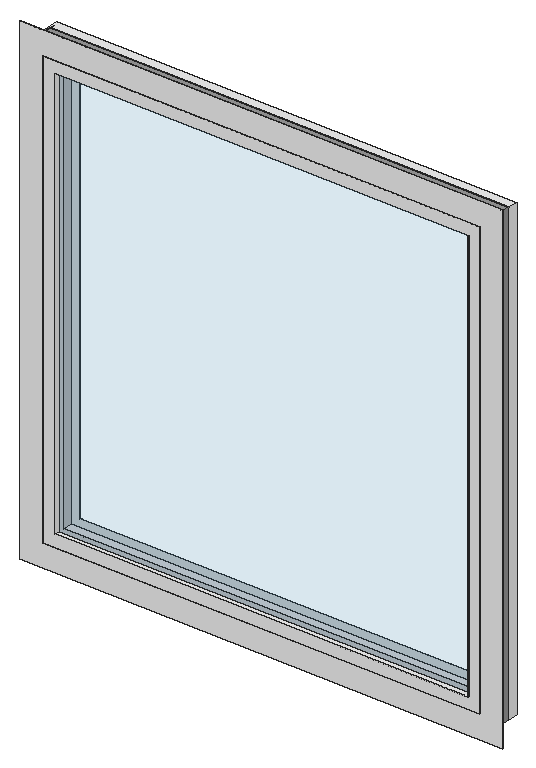
Revit family "Edge_TB42_E_Side_Hung_Standard", category Windows, host Wall, Revit 2014
Parameters (values of type "Casement_Sash_DG")
  Width Sash [instance] = 30 mm
  Width Sash Inner = 15 mm
  Width Bead = 15 mm
  Top Hung [instance] = yes
  Thermal Break Material = Rubber, Black
  Thermal Break Length = 16 mm
  Side Hung Right [instance] = yes
  Side Hung Left [instance] = yes
  Sash Opening Width [instance] = 600 mm
  Sash Opening Height [instance] = 600 mm
  Sash Lip = 15 mm
  Sash Leg [instance] = (Depth Sash - Thermal Break Length) / 2  # 13 mm
  SG Bead Leg = 6.683 mm
  Glazing Material [instance] = Glass
  Glazing Offset = 5 mm
  DG Start Piece 2 [instance] = DG End Piece 1 + DG Gasket Thickness  # 24.158 mm
  DG Start Peice 1 [instance] = ((Depth Sash - (2 * DG Glazing Thickness) - DG Gasket Thickness) / 2) - (SG Bead Leg - Aluminium Thickness) / 2  # 5.758 mm
  DG Glazing Thickness [instance] = 6.4 mm
  DG Gasket Thickness = 12 mm  # constant formula
  DG Gasket Material [instance] = none
  Depth Sash [instance] = 42 mm
  DG End Piece 2 [instance] = DG Start Piece 2 + DG Glazing Thickness  # 30.558 mm
  DG End Piece 1 [instance] = DG Start Peice 1 + DG Glazing Thickness  # 12.158 mm
  Center Vertical Sash [instance] = Sash Opening Height / 2  # 300 mm
  Center Horizontal Sash [instance] = Sash Opening Width / 2  # 300 mm
  Bottom Hung [instance] = yes
  Bead Offset = 15 mm
  Aluminium Thickness = 1 mm
  Aluminium Material [instance] = White Powder Coated Aluminium
Reference planes
  plane 1 "Center (Front/Back)": y = 0
  plane 2: z = 0
  plane 3 "Center (Left/Right)": x = 0
Forms (mm)
  Sweep 1, solid, material "White Powder Coated Aluminium" <- "Aluminium Material"
    path origin (16.177, 0, 121.331) x (1, 0, 0) y (0, 0, 1)
      loop
        line (0, 0) -> (600, 0) -> (600, 600) -> (0, 600) -> (0, 0)
    profile origin (316.177, 0, 121.331) x (0, 0, 1) y (0, -1, 0)
      loop
        line (0, 0) -> (30, 0) -> (30, 1) -> (15, 1) -> (15, 13) -> (14, 13) -> (14, 1) -> (1, 1) -> (1, 13) -> (0, 13) -> (0, 0)
      loop
        line (15, 42) -> (-15, 42) -> (-15, 41) -> (0, 41) -> (0, 29) -> (1, 29) -> (1, 41) -> (14, 41) -> (14, 29) -> (15, 29) -> (15, 42)
  Sweep 2, solid, material "White Powder Coated Aluminium" <- "Aluminium Material"
    path origin (0, 0, 0) x (1, 0, 0) y (0, 0, 1)
      loop
        line (31.177, 706.331) -> (31.177, 136.331) -> (601.177, 136.331) -> (601.177, 706.331) -> (31.177, 706.331)
    profile origin (316.177, 0, 706.331) x (0, 0, 1) y (0, -1, 0)
      loop
        line (0, 41) -> (0, 42) -> (-15, 42) -> (-15, 35.317) -> (-14, 35.317) -> (-14, 41) -> (0, 41)
  Extrusion 3, solid, material "Glass" <- "Glazing Material"
    sketch origin (0, 0, 0) x (1, 0, 0) y (0, 0, 1)
      loop
        line (36.177, 701.331) -> (36.177, 141.331) -> (596.177, 141.331) -> (596.177, 701.331) -> (36.177, 701.331)
    from 5.758 <- "DG Start Peice 1" to 12.158 <- "DG End Piece 1"
  Extrusion 4, solid, material "Glass" <- "Glazing Material"
    sketch origin (0, 0, 0) x (1, 0, 0) y (0, 0, 1)
      loop
        line (36.177, 701.331) -> (36.177, 141.331) -> (596.177, 141.331) -> (596.177, 701.331) -> (36.177, 701.331)
    from 30.558 <- "DG End Piece 2" to 24.158 <- "DG Start Piece 2"
  Sweep 5, solid, material <- "DG Gasket Material"
    path origin (0, -12.158, 0) x (1, 0, 0) y (0, 0, 1)
      loop
        line (36.177, 701.331) -> (36.177, 141.331) -> (596.177, 141.331) -> (596.177, 701.331) -> (36.177, 701.331)
    profile origin (316.177, -12.158, 701.331) x (0, 0, 1) y (0, -1, 0)
      loop
        line (0, 0) -> (0, 12) -> (-7.96, 12) -> (-7.96, 0) -> (0, 0)
  Sweep 6, solid, material "Rubber, Black" <- "Thermal Break Material"
    path origin (16.177, -13, 121.331) x (1, 0, 0) y (0, 0, 1)
      loop
        line (-15, 615) -> (-15, -15) -> (615, -15) -> (615, 615) -> (-15, 615)
    profile origin (316.177, -13, 736.331) x (0, 0, 1) y (0, -1, 0)
      loop
        line (-15, 16) -> (-16, 16) -> (-16, 0) -> (-15, 0) -> (-15, 16)
      loop
        line (-29, 16) -> (-30, 16) -> (-30, 0) -> (-29, 0) -> (-29, 16)
Lines and regions (mm)
  model lines
    curve 1: line (1.177, -42, 736.331) -> (31.177, -42, 706.331)
    curve 2: line (601.177, -42, 706.331) -> (631.177, -42, 736.331)
    curve 3: line (601.177, -42, 136.331) -> (631.177, -42, 106.331)
    curve 4: line (1.177, -42, 106.331) -> (31.177, -42, 136.331)
    curve 5: line (631.177, -41, 736.331) -> (616.177, -41, 721.331)
    curve 6: line (1.177, -41, 736.331) -> (16.177, -41, 721.331)
    curve 7: line (1.177, -41, 106.331) -> (16.177, -41, 121.331)
    curve 8: line (631.177, -41, 106.331) -> (616.177, -41, 121.331)
    curve 9: line (616.177, 0, 121.331) -> (586.177, 0, 151.331)
    curve 10: line (46.177, 0, 151.331) -> (16.177, 0, 121.331)
    curve 11: line (616.177, 0, 721.331) -> (586.177, 0, 691.331)
    curve 12: line (46.177, 0, 691.331) -> (16.177, 0, 721.331)
    curve 13: line (31.177, -42, 691.331) -> (46.177, -42, 691.331)
    curve 14: line (586.177, -42, 691.331) -> (601.177, -42, 691.331)
    curve 15: line (586.177, -42, 151.331) -> (601.177, -42, 151.331)
    curve 16: line (31.177, -42, 151.331) -> (46.177, -42, 151.331)
  model lines, style "GenericModelHiddenLines", visible <- "Top Hung"
    curve 17: line (46.386, -30.558, 690.602) -> (316.177, -30.558, 151.331)
    curve 18: line (316.177, -30.558, 151.331) -> (586.177, -30.558, 691.018)
  model lines, style "GenericModelHiddenLines", visible <- "Bottom Hung"
    curve 19: line (46.177, -30.558, 151.331) -> (316.177, -30.558, 691.018)
    curve 20: line (316.177, -30.558, 691.018) -> (586.177, -30.558, 151.331)
  model lines, style "GenericModelHiddenLines", visible <- "Side Hung Left"
    curve 21: line (46.386, -30.558, 690.602) -> (585.24, -30.558, 421.331)
    curve 22: line (585.24, -30.558, 421.331) -> (46.177, -30.558, 151.331)
  model lines, style "GenericModelHiddenLines", visible <- "Side Hung Right"
    curve 23: line (586.177, -30.558, 691.018) -> (46.177, -30.558, 421.331)
    curve 24: line (46.177, -30.558, 421.331) -> (586.177, -30.558, 151.331)
Dimensions and locks
  "Aluminium Thickness": Sweep 1 sketch curve to Sweep 1 sketch curve  (x6)
  "Depth Sash": Sweep 1 sketch curve to Sweep 1 sketch curve
  "Sash Opening Width": Sweep 1 to Sweep 1
  "Sash Opening Height": Sweep 1 to Sweep 1
  "Width Sash": Sweep 1 sketch curve to Sweep 1 sketch curve  (x2)
  "Width Sash Inner": Sweep 1 sketch curve to Sweep 1 sketch curve
  "Sash Lip": Sweep 1 sketch curve to Sweep 1 sketch curve
  "Glazing Offset": Sweep 2 to Extrusion 3 sketch curve  (x3)
  "Glazing Offset": Extrusion 3 sketch curve to Sweep 2
  Sweep 1 to Sweep 1 = 1 mm
  "Width Bead": Sweep 2 sketch curve to Sweep 2 sketch curve
  locked: Sweep 5 sketch curve to Sweep 5 sketch curve at 7.96
  "Center Horizontal Sash": Sweep 1 to curve 18
  "Center Horizontal Sash": Sweep 1 to curve 20
  "Center Vertical Sash": Sweep 1 to curve 22
  "Center Vertical Sash": Sweep 1 to curve 24
  "Sash Leg": Sweep 1 sketch curve to Sweep 1 sketch curve
  "Aluminium Thickness": Sweep 2 sketch curve to Sweep 2 sketch curve  (x2)
  "SG Bead Leg": Sweep 2 sketch curve to Sweep 2 sketch curve
  aligned and locked: level to plane 2
  aligned and locked: Sweep 1 sketch curve to Sweep 1 sketch curve  (x3)
  aligned and locked: Sweep 2 sketch curve to Sweep 1  (x4)
  aligned and locked: Sweep 1 to Sweep 2 sketch curve  (x2)
  aligned and locked: Extrusion 4 sketch curve to Extrusion 3  (x4)
  aligned and locked: Sweep 5 sketch curve to Extrusion 3  (x5)
  aligned and locked: Extrusion 3 to Sweep 5 sketch curve
  aligned and locked: Sweep 6 sketch curve to Sweep 1  (x10)
  aligned and locked: Sweep 1 to Sweep 6 sketch curve  (x2)
Automatic sketch dimensions
  plane 3 "Center (Left/Right)" to Sweep 1 sketch curve = 16.177 mm
  level to Sweep 1 sketch curve = 121.331 mm
  plane 3 "Center (Left/Right)" to Sweep 1 sketch curve = 616.177 mm
  level to Sweep 1 sketch curve = 721.331 mm
  profile plane to Sweep 5 sketch curve = 12 mm
  curve 7 to Sweep 1 = 0 mm  (x4)
  curve 6 to Sweep 1 = 0 mm  (x3)
  Sweep 1 to curve 6 = 0 mm
  curve 5 to Sweep 1 = 0 mm  (x3)
  curve 8 to Sweep 1 = 0 mm  (x4)
  Sweep 1 to curve 5 = 0 mm
  curve 16 to Sweep 2 = 0 mm  (x3)
  curve 13 to Sweep 2 = 0 mm  (x3)
  curve 15 to Sweep 2 = 0 mm
  Sweep 2 to curve 15 = 0 mm  (x2)
  curve 14 to Sweep 2 = 0 mm  (x2)
  Sweep 2 to curve 14 = 0 mm
  curve 1 to Sweep 1 = 0 mm  (x4)
  curve 4 to Sweep 1 = 0 mm  (x4)
  curve 2 to Sweep 1 = 0 mm  (x4)
  curve 3 to Sweep 1 = 0 mm  (x2)
  Sweep 1 to curve 3 = 0 mm  (x2)
  curve 10 to Sweep 1 = 0 mm  (x4)
  curve 12 to Sweep 1 = 0 mm  (x2)
  Sweep 1 to curve 12 = 0 mm  (x2)
  curve 11 to Sweep 1 = 0 mm  (x4)
  curve 9 to Sweep 1 = 0 mm  (x4)
  profile plane to Sweep 1 sketch curve = 0 mm  (x2)
  Sweep 1 sketch curve to plane 1 "Center (Front/Back)" = 0 mm
  Sweep 1 sketch curve to Sweep 1 sketch curve = 13 mm
  Sweep 1 sketch curve to Sweep 1 sketch curve = 12 mm  (x2)
  curve 21 to Extrusion 4 = 10.208 mm
  curve 19 to Extrusion 4 = 10 mm
  curve 23 to Extrusion 4 = 10 mm  (x2)
  curve 22 to Extrusion 4 = 10.937 mm
  curve 20 to Extrusion 4 = 10 mm
  curve 24 to Extrusion 4 = 10 mm
  curve 22 to Extrusion 4 = 10 mm
  curve 18 to Extrusion 4 = 10 mm
  curve 21 to Extrusion 4 = 10.729 mm
  curve 19 to Extrusion 4 = 10.312 mm
  curve 18 to Extrusion 4 = 10.312 mm
Types in the file's own list only (18): name | Windload Design | Width Sash Opening | Width Sash | Width Profile | Width Fixed Pane RHS | Width Fixed Pane Bottom LHS | Width Panel 1 | Width | URL | Offset Window Exterior | Max System DG Unit Thickness | Max System DG One Piece Thickness | Max Pane Area | Limit Fixed Pane Width Min | Limit Fixed Pane Width Max | Limit Fixed Pane Height Min | Limit Fixed Pane Height Max | Intruderprufe U Value | Intruderprufe SHGC Value | Intruderprufe LowE U Value | Intruderprufe LowE SHGC Value | Intruderprufe Insulated U Value | Intruderprufe Insulated SHGC Value | Intruderprufe Insulated LowE U Value | Intruderprufe Insulated LowE SHGC Value | Height | Has Stiffener Cap | Energy Advantage U Value | Energy Advantage SHGC Value | DG Thickness Calc | Custom Window Width | Custom Window Height | Window Exterior Offset | Custom Windload | Custom Sash Width | Custom Sash Height | Sash Spacing Inner | Sash Overlap | Sash Center Offset | SG Gasket Thickness | Offset Sash Left | Offset Sash Top | Offset Panel 4 Left | Offset Panel 3 Bead Top | Offset Mullion Left | Offset Transom Top | Offset Bead SG Center Reversed | Model | Manufacturer | Limit Window Width Min | Limit Window Width Max | Limit Window Height Min | Limit Window Height Max | Limit Sash Width Min | Limit Sash Width Max | Limit Sash Height Min | Limit Sash Height Max | Length Transom | Length Mullion | Height Sash Opening | Height Sash | Height Fixed Pane RHS | Height Fixed Pane Bottom LHS | Height Panel 1 | Description | Depth Mullion | Frame Center Offset | Depth Bead | Default Sill Height | Wall Closure | DG Gasket Finish | DG Extrusion Start | Mullion Depth Windload Based | Clearvue U Value | Clearvue SHGC Value | Clearvue Insulated U Value | Clearvue Insulated SHGC Value | Clearvue Insulated LowE U Value | Clearvue Insulated LowE SHGC Value | Casement Dimension | Bead SG Gap | Area Pane Right | Area Pane Left Top | Area Pane Left Bottom
  EDGE-0915S-1000Pa | 1000 mm | 554 mm | 524 mm | 30 mm | 260 mm | 540 mm | 540 mm | 890 mm | "http://www.crealco.co.za/crealco-products.php" | 21 mm | 25 mm | 6 mm | 0.52 m² | 200 mm | 1500 mm | 200 mm | 1800 mm | 5.64 | 0.547 | 4.33 | 0.492 | 3.29 | 0.486 | 2.79 | 0.441 | 1490 mm | No | 4.33 | 0.526 | 4 mm | 890 mm | 1490 mm | 0 mm | 1000 mm | 554 mm | 1154 mm | 8 mm | 7 mm | 18 mm | 6 mm | 23 mm | 23 mm | 600 mm | 1200 mm | 570 mm | 1170 mm | 21 mm | "Edge" | "Crealco" | 830 mm | 2130 mm | 1430 mm | 1860 mm | 300 mm | 700 mm | 300 mm | 1500 mm | 540 mm | 1490 mm | 1154 mm | 1124 mm | 1430 mm | 260 mm | 1139 mm | "Thermal break casement windows (42mm), Type E side hung" | 0 mm | 21 mm | 28 mm | 800 mm | By host | Double Glazing Gasket Material | 11 mm | 0 mm | 5.75 | 0.588 | 3.33 | 0.531 | 2.84 | 0.483 | 42 mm | 13 mm | 0.36 m² | 0.52 m² | 0.13 m²
  EDGE-1215S-1000Pa | 1000 mm | 554 mm | 524 mm | 30 mm | 560 mm | 540 mm | 540 mm | 1190 mm | "http://www.crealco.co.za/crealco-products.php" | 21 mm | 25 mm | 6 mm | 0.78 m² | 200 mm | 1500 mm | 200 mm | 1800 mm | 5.52 | 0.698 | 3.94 | 0.621 | 2.97 | 0.615 | 2.38 | 0.556 | 1490 mm | Yes | 3.97 | 0.667 | 4 mm | 1190 mm | 1490 mm | 0 mm | 1000 mm | 554 mm | 1154 mm | 8 mm | 7 mm | 18 mm | 6 mm | 23 mm | 23 mm | 600 mm | 1200 mm | 570 mm | 1170 mm | 21 mm | "Edge" | "Crealco" | 830 mm | 2130 mm | 1430 mm | 1860 mm | 300 mm | 700 mm | 300 mm | 1500 mm | 540 mm | 1490 mm | 1154 mm | 1124 mm | 1430 mm | 260 mm | 1139 mm | "Thermal break casement windows (42mm), Type E side hung" | 1 mm | 21 mm | 28 mm | 800 mm | By host | Double Glazing Gasket Material | 11 mm | 1 mm | 5.63 | 0.747 | 3.02 | 0.67 | 2.42 | 0.608 | 42 mm | 13 mm | 0.78 m² | 0.52 m² | 0.13 m²
  EDGE-1515S-1000Pa | 1000 mm | 554 mm | 524 mm | 30 mm | 860 mm | 540 mm | 540 mm | 1490 mm | "http://www.crealco.co.za/crealco-products.php" | 21 mm | 25 mm | 6 mm | 1.21 m² | 200 mm | 1500 mm | 200 mm | 1800 mm | 5.81 | 0.741 | 4.07 | 0.659 | 3.06 | 0.651 | 2.4 | 0.589 | 1490 mm | Yes | 4.11 | 0.708 | 4 mm | 1490 mm | 1490 mm | 0 mm | 1000 mm | 554 mm | 1154 mm | 8 mm | 7 mm | 18 mm | 6 mm | 23 mm | 23 mm | 600 mm | 1200 mm | 570 mm | 1170 mm | 21 mm | "Edge" | "Crealco" | 830 mm | 2130 mm | 1430 mm | 1860 mm | 300 mm | 700 mm | 300 mm | 1500 mm | 540 mm | 1490 mm | 1154 mm | 1124 mm | 1430 mm | 260 mm | 1139 mm | "Thermal break casement windows (42mm), Type E side hung" | 1 mm | 21 mm | 28 mm | 800 mm | By host | Double Glazing Gasket Material | 11 mm | 1 mm | 5.93 | 0.792 | 3.11 | 0.709 | 2.45 | 0.644 | 42 mm | 13 mm | 1.21 m² | 0.52 m² | 0.13 m²
  EDGE-0918S-1000Pa | 1000 mm | 554 mm | 524 mm | 30 mm | 260 mm | 540 mm | 540 mm | 890 mm | "http://www.crealco.co.za/crealco-products.php" | 21 mm | 25 mm | 6 mm | 0.52 m² | 200 mm | 1500 mm | 200 mm | 1800 mm | 5.4 | 0.677 | 3.94 | 0.603 | 2.99 | 0.599 | 2.44 | 0.542 | 1790 mm | Yes | 3.97 | 0.648 | 4 mm | 890 mm | 1790 mm | 0 mm | 1000 mm | 554 mm | 1154 mm | 8 mm | 7 mm | 18 mm | 6 mm | 23 mm | 23 mm | 600 mm | 1200 mm | 570 mm | 1170 mm | 21 mm | "Edge" | "Crealco" | 830 mm | 2130 mm | 1430 mm | 1860 mm | 300 mm | 700 mm | 300 mm | 1500 mm | 540 mm | 1790 mm | 1154 mm | 1124 mm | 1730 mm | 560 mm | 1139 mm | "Thermal break casement windows (42mm), Type E side hung" | 1 mm | 21 mm | 28 mm | 800 mm | By host | Double Glazing Gasket Material | 11 mm | 1 mm | 5.51 | 0.725 | 3.03 | 0.653 | 2.48 | 0.593 | 42 mm | 13 mm | 0.43 m² | 0.52 m² | 0.29 m²
  EDGE-1218S-1000Pa | 1000 mm | 554 mm | 524 mm | 30 mm | 560 mm | 540 mm | 540 mm | 1190 mm | "http://www.crealco.co.za/crealco-products.php" | 21 mm | 25 mm | 6 mm | 0.95 m² | 200 mm | 1500 mm | 200 mm | 1800 mm | 6.04 | 0.77 | 4.27 | 0.684 | 3.21 | 0.677 | 2.55 | 0.613 | 1790 mm | Yes | 4.31 | 0.735 | 4 mm | 1190 mm | 1790 mm | 0 mm | 1000 mm | 554 mm | 1154 mm | 8 mm | 7 mm | 18 mm | 6 mm | 23 mm | 23 mm | 600 mm | 1200 mm | 570 mm | 1170 mm | 21 mm | "Edge" | "Crealco" | 830 mm | 2130 mm | 1430 mm | 1860 mm | 300 mm | 700 mm | 300 mm | 1500 mm | 540 mm | 1790 mm | 1154 mm | 1124 mm | 1730 mm | 560 mm | 1139 mm | "Thermal break casement windows (42mm), Type E side hung" | 1 mm | 21 mm | 28 mm | 800 mm | By host | Double Glazing Gasket Material | 11 mm | 1 mm | 6.16 | 0.822 | 3.27 | 0.737 | 2.59 | 0.67 | 42 mm | 13 mm | 0.95 m² | 0.52 m² | 0.29 m²
  EDGE-1518S-1000Pa | 1000 mm | 554 mm | 524 mm | 30 mm | 860 mm | 540 mm | 540 mm | 1490 mm | "http://www.crealco.co.za/crealco-products.php" | 21 mm | 25 mm | 6 mm | 1.46 m² | 200 mm | 1500 mm | 200 mm | 1800 mm | 6.46 | 0.831 | 4.49 | 0.738 | 3.36 | 0.729 | 2.62 | 0.659 | 1790 mm | Yes | 7.9 | 0 | 4 mm | 1490 mm | 1790 mm | 0 mm | 1000 mm | 554 mm | 1154 mm | 8 mm | 7 mm | 18 mm | 6 mm | 23 mm | 23 mm | 600 mm | 1200 mm | 570 mm | 1170 mm | 21 mm | "Edge" | "Crealco" | 830 mm | 2130 mm | 1430 mm | 1860 mm | 300 mm | 700 mm | 300 mm | 1500 mm | 540 mm | 1790 mm | 1154 mm | 1124 mm | 1730 mm | 560 mm | 1139 mm | "Thermal break casement windows (42mm), Type E side hung" | 1 mm | 21 mm | 28 mm | 800 mm | By host | Double Glazing Gasket Material | 11 mm | 1 mm | 7.9 | 0 | 3.42 | 0.793 | 2.67 | 0.721 | 42 mm | 13 mm | 1.46 m² | 0.52 m² | 0.29 m²
  EDGE-0915S-1500Pa | 1500 mm | 554 mm | 524 mm | 30 mm | 260 mm | 540 mm | 540 mm | 890 mm | "http://www.crealco.co.za/crealco-products.php" | 21 mm | 25 mm | 6 mm | 0.52 m² | 200 mm | 1500 mm | 200 mm | 1800 mm | 5.06 | 0.63 | 3.73 | 0.562 | 2.84 | 0.558 | 2.33 | 0.505 | 1490 mm | Yes | 3.75 | 0.603 | 4 mm | 890 mm | 1490 mm | 0 mm | 1500 mm | 554 mm | 1154 mm | 8 mm | 7 mm | 18 mm | 6 mm | 23 mm | 23 mm | 600 mm | 1200 mm | 570 mm | 1170 mm | 21 mm | "Edge" | "Crealco" | 830 mm | 2130 mm | 1430 mm | 1860 mm | 300 mm | 700 mm | 300 mm | 1500 mm | 540 mm | 1490 mm | 1154 mm | 1124 mm | 1430 mm | 260 mm | 1139 mm | "Thermal break casement windows (42mm), Type E side hung" | 1 mm | 21 mm | 28 mm | 800 mm | By host | Double Glazing Gasket Material | 11 mm | 1 mm | 5.16 | 0.675 | 2.88 | 0.608 | 2.38 | 0.553 | 42 mm | 13 mm | 0.36 m² | 0.52 m² | 0.13 m²
  EDGE-0915S-2000Pa | 2000 mm | 554 mm | 524 mm | 30 mm | 260 mm | 540 mm | 540 mm | 890 mm | "http://www.crealco.co.za/crealco-products.php" | 21 mm | 25 mm | 6 mm | 0.52 m² | 200 mm | 1500 mm | 200 mm | 1800 mm | 5.06 | 0.63 | 3.73 | 0.562 | 2.84 | 0.558 | 2.33 | 0.505 | 1490 mm | Yes | 3.75 | 0.603 | 4 mm | 890 mm | 1490 mm | 0 mm | 2000 mm | 554 mm | 1154 mm | 8 mm | 7 mm | 18 mm | 6 mm | 23 mm | 23 mm | 600 mm | 1200 mm | 570 mm | 1170 mm | 21 mm | "Edge" | "Crealco" | 830 mm | 2130 mm | 1430 mm | 1860 mm | 300 mm | 700 mm | 300 mm | 1500 mm | 540 mm | 1490 mm | 1154 mm | 1124 mm | 1430 mm | 260 mm | 1139 mm | "Thermal break casement windows (42mm), Type E side hung" | 1 mm | 21 mm | 28 mm | 800 mm | By host | Double Glazing Gasket Material | 11 mm | 1 mm | 5.16 | 0.675 | 2.88 | 0.608 | 2.38 | 0.553 | 42 mm | 13 mm | 0.36 m² | 0.52 m² | 0.13 m²
  EDGE-1215S-1500Pa | 1500 mm | 554 mm | 524 mm | 30 mm | 560 mm | 540 mm | 540 mm | 1190 mm | "http://www.crealco.co.za/crealco-products.php" | 21 mm | 25 mm | 6 mm | 0.78 m² | 200 mm | 1500 mm | 200 mm | 1800 mm | 5.52 | 0.698 | 3.94 | 0.621 | 2.97 | 0.615 | 2.38 | 0.556 | 1490 mm | Yes | 3.97 | 0.667 | 4 mm | 1190 mm | 1490 mm | 0 mm | 1500 mm | 554 mm | 1154 mm | 8 mm | 7 mm | 18 mm | 6 mm | 23 mm | 23 mm | 600 mm | 1200 mm | 570 mm | 1170 mm | 21 mm | "Edge" | "Crealco" | 830 mm | 2130 mm | 1430 mm | 1860 mm | 300 mm | 700 mm | 300 mm | 1500 mm | 540 mm | 1490 mm | 1154 mm | 1124 mm | 1430 mm | 260 mm | 1139 mm | "Thermal break casement windows (42mm), Type E side hung" | 1 mm | 21 mm | 28 mm | 800 mm | By host | Double Glazing Gasket Material | 11 mm | 1 mm | 5.63 | 0.747 | 3.02 | 0.67 | 2.42 | 0.608 | 42 mm | 13 mm | 0.78 m² | 0.52 m² | 0.13 m²
  EDGE-1215S-2000Pa | 2000 mm | 554 mm | 524 mm | 30 mm | 560 mm | 540 mm | 540 mm | 1190 mm | "http://www.crealco.co.za/crealco-products.php" | 21 mm | 25 mm | 6 mm | 0.78 m² | 200 mm | 1500 mm | 200 mm | 1800 mm | 5.52 | 0.698 | 3.94 | 0.621 | 2.97 | 0.615 | 2.38 | 0.556 | 1490 mm | Yes | 3.97 | 0.667 | 4 mm | 1190 mm | 1490 mm | 0 mm | 2000 mm | 554 mm | 1154 mm | 8 mm | 7 mm | 18 mm | 6 mm | 23 mm | 23 mm | 600 mm | 1200 mm | 570 mm | 1170 mm | 21 mm | "Edge" | "Crealco" | 830 mm | 2130 mm | 1430 mm | 1860 mm | 300 mm | 700 mm | 300 mm | 1500 mm | 540 mm | 1490 mm | 1154 mm | 1124 mm | 1430 mm | 260 mm | 1139 mm | "Thermal break casement windows (42mm), Type E side hung" | 1 mm | 21 mm | 28 mm | 800 mm | By host | Double Glazing Gasket Material | 11 mm | 1 mm | 5.63 | 0.747 | 3.02 | 0.67 | 2.42 | 0.608 | 42 mm | 13 mm | 0.78 m² | 0.52 m² | 0.13 m²
  EDGE-1515S-1500Pa | 1500 mm | 554 mm | 524 mm | 30 mm | 860 mm | 540 mm | 540 mm | 1490 mm | "http://www.crealco.co.za/crealco-products.php" | 21 mm | 25 mm | 6 mm | 1.21 m² | 200 mm | 1500 mm | 200 mm | 1800 mm | 5.81 | 0.741 | 4.07 | 0.659 | 3.06 | 0.651 | 2.4 | 0.589 | 1490 mm | Yes | 4.11 | 0.708 | 4 mm | 1490 mm | 1490 mm | 0 mm | 1500 mm | 554 mm | 1154 mm | 8 mm | 7 mm | 18 mm | 6 mm | 23 mm | 23 mm | 600 mm | 1200 mm | 570 mm | 1170 mm | 21 mm | "Edge" | "Crealco" | 830 mm | 2130 mm | 1430 mm | 1860 mm | 300 mm | 700 mm | 300 mm | 1500 mm | 540 mm | 1490 mm | 1154 mm | 1124 mm | 1430 mm | 260 mm | 1139 mm | "Thermal break casement windows (42mm), Type E side hung" | 1 mm | 21 mm | 28 mm | 800 mm | By host | Double Glazing Gasket Material | 11 mm | 1 mm | 5.93 | 0.792 | 3.11 | 0.709 | 2.45 | 0.644 | 42 mm | 13 mm | 1.21 m² | 0.52 m² | 0.13 m²
  EDGE-1515S-2000Pa | 2000 mm | 554 mm | 524 mm | 30 mm | 860 mm | 540 mm | 540 mm | 1490 mm | "http://www.crealco.co.za/crealco-products.php" | 21 mm | 25 mm | 6 mm | 1.21 m² | 200 mm | 1500 mm | 200 mm | 1800 mm | 5.81 | 0.741 | 4.07 | 0.659 | 3.06 | 0.651 | 2.4 | 0.589 | 1490 mm | Yes | 4.11 | 0.708 | 4 mm | 1490 mm | 1490 mm | 0 mm | 2000 mm | 554 mm | 1154 mm | 8 mm | 7 mm | 18 mm | 6 mm | 23 mm | 23 mm | 600 mm | 1200 mm | 570 mm | 1170 mm | 21 mm | "Edge" | "Crealco" | 830 mm | 2130 mm | 1430 mm | 1860 mm | 300 mm | 700 mm | 300 mm | 1500 mm | 540 mm | 1490 mm | 1154 mm | 1124 mm | 1430 mm | 260 mm | 1139 mm | "Thermal break casement windows (42mm), Type E side hung" | 1 mm | 21 mm | 28 mm | 800 mm | By host | Double Glazing Gasket Material | 11 mm | 1 mm | 5.93 | 0.792 | 3.11 | 0.709 | 2.45 | 0.644 | 42 mm | 13 mm | 1.21 m² | 0.52 m² | 0.13 m²
  EDGE-0918S-1500Pa | 1500 mm | 554 mm | 524 mm | 30 mm | 260 mm | 540 mm | 540 mm | 890 mm | "http://www.crealco.co.za/crealco-products.php" | 21 mm | 25 mm | 6 mm | 0.52 m² | 200 mm | 1500 mm | 200 mm | 1800 mm | 5.4 | 0.677 | 3.94 | 0.603 | 2.99 | 0.599 | 2.44 | 0.542 | 1790 mm | Yes | 3.97 | 0.648 | 4 mm | 890 mm | 1790 mm | 0 mm | 1500 mm | 554 mm | 1154 mm | 8 mm | 7 mm | 18 mm | 6 mm | 23 mm | 23 mm | 600 mm | 1200 mm | 570 mm | 1170 mm | 21 mm | "Edge" | "Crealco" | 830 mm | 2130 mm | 1430 mm | 1860 mm | 300 mm | 700 mm | 300 mm | 1500 mm | 540 mm | 1790 mm | 1154 mm | 1124 mm | 1730 mm | 560 mm | 1139 mm | "Thermal break casement windows (42mm), Type E side hung" | 1 mm | 21 mm | 28 mm | 800 mm | By host | Double Glazing Gasket Material | 11 mm | 1 mm | 5.51 | 0.725 | 3.03 | 0.653 | 2.48 | 0.593 | 42 mm | 13 mm | 0.43 m² | 0.52 m² | 0.29 m²
  EDGE-0918S-2000Pa | 2000 mm | 554 mm | 524 mm | 30 mm | 260 mm | 540 mm | 540 mm | 890 mm | "http://www.crealco.co.za/crealco-products.php" | 21 mm | 25 mm | 6 mm | 0.52 m² | 200 mm | 1500 mm | 200 mm | 1800 mm | 5.4 | 0.677 | 3.94 | 0.603 | 2.99 | 0.599 | 2.44 | 0.542 | 1790 mm | Yes | 3.97 | 0.648 | 4 mm | 890 mm | 1790 mm | 0 mm | 2000 mm | 554 mm | 1154 mm | 8 mm | 7 mm | 18 mm | 6 mm | 23 mm | 23 mm | 600 mm | 1200 mm | 570 mm | 1170 mm | 21 mm | "Edge" | "Crealco" | 830 mm | 2130 mm | 1430 mm | 1860 mm | 300 mm | 700 mm | 300 mm | 1500 mm | 540 mm | 1790 mm | 1154 mm | 1124 mm | 1730 mm | 560 mm | 1139 mm | "Thermal break casement windows (42mm), Type E side hung" | 1 mm | 21 mm | 28 mm | 800 mm | By host | Double Glazing Gasket Material | 11 mm | 1 mm | 5.51 | 0.725 | 3.03 | 0.653 | 2.48 | 0.593 | 42 mm | 13 mm | 0.43 m² | 0.52 m² | 0.29 m²
  EDGE-1218S-1500Pa | 1500 mm | 554 mm | 524 mm | 30 mm | 560 mm | 540 mm | 540 mm | 1190 mm | "http://www.crealco.co.za/crealco-products.php" | 21 mm | 25 mm | 6 mm | 0.95 m² | 200 mm | 1500 mm | 200 mm | 1800 mm | 6.04 | 0.77 | 4.27 | 0.684 | 3.21 | 0.677 | 2.55 | 0.613 | 1790 mm | Yes | 4.31 | 0.735 | 4 mm | 1190 mm | 1790 mm | 0 mm | 1500 mm | 554 mm | 1154 mm | 8 mm | 7 mm | 18 mm | 6 mm | 23 mm | 23 mm | 600 mm | 1200 mm | 570 mm | 1170 mm | 21 mm | "Edge" | "Crealco" | 830 mm | 2130 mm | 1430 mm | 1860 mm | 300 mm | 700 mm | 300 mm | 1500 mm | 540 mm | 1790 mm | 1154 mm | 1124 mm | 1730 mm | 560 mm | 1139 mm | "Thermal break casement windows (42mm), Type E side hung" | 1 mm | 21 mm | 28 mm | 800 mm | By host | Double Glazing Gasket Material | 11 mm | 1 mm | 6.16 | 0.822 | 3.27 | 0.737 | 2.59 | 0.67 | 42 mm | 13 mm | 0.95 m² | 0.52 m² | 0.29 m²
  EDGE-1218S-2000Pa | 2000 mm | 554 mm | 524 mm | 30 mm | 560 mm | 540 mm | 540 mm | 1190 mm | "http://www.crealco.co.za/crealco-products.php" | 21 mm | 25 mm | 6 mm | 0.95 m² | 200 mm | 1500 mm | 200 mm | 1800 mm | 6.04 | 0.77 | 4.27 | 0.684 | 3.21 | 0.677 | 2.55 | 0.613 | 1790 mm | Yes | 4.31 | 0.735 | 4 mm | 1190 mm | 1790 mm | 0 mm | 2000 mm | 554 mm | 1154 mm | 8 mm | 7 mm | 18 mm | 6 mm | 23 mm | 23 mm | 600 mm | 1200 mm | 570 mm | 1170 mm | 21 mm | "Edge" | "Crealco" | 830 mm | 2130 mm | 1430 mm | 1860 mm | 300 mm | 700 mm | 300 mm | 1500 mm | 540 mm | 1790 mm | 1154 mm | 1124 mm | 1730 mm | 560 mm | 1139 mm | "Thermal break casement windows (42mm), Type E side hung" | 1 mm | 21 mm | 28 mm | 800 mm | By host | Double Glazing Gasket Material | 11 mm | 1 mm | 6.16 | 0.822 | 3.27 | 0.737 | 2.59 | 0.67 | 42 mm | 13 mm | 0.95 m² | 0.52 m² | 0.29 m²
  EDGE-1518S-1500Pa | 1500 mm | 554 mm | 524 mm | 30 mm | 860 mm | 540 mm | 540 mm | 1490 mm | "http://www.crealco.co.za/crealco-products.php" | 21 mm | 25 mm | 6 mm | 1.46 m² | 200 mm | 1500 mm | 200 mm | 1800 mm | 6.46 | 0.831 | 4.49 | 0.738 | 3.36 | 0.729 | 2.62 | 0.659 | 1790 mm | Yes | 7.9 | 0 | 4 mm | 1490 mm | 1790 mm | 0 mm | 1500 mm | 554 mm | 1154 mm | 8 mm | 7 mm | 18 mm | 6 mm | 23 mm | 23 mm | 600 mm | 1200 mm | 570 mm | 1170 mm | 21 mm | "Edge" | "Crealco" | 830 mm | 2130 mm | 1430 mm | 1860 mm | 300 mm | 700 mm | 300 mm | 1500 mm | 540 mm | 1790 mm | 1154 mm | 1124 mm | 1730 mm | 560 mm | 1139 mm | "Thermal break casement windows (42mm), Type E side hung" | 1 mm | 21 mm | 28 mm | 800 mm | By host | Double Glazing Gasket Material | 11 mm | 1 mm | 7.9 | 0 | 3.42 | 0.793 | 2.67 | 0.721 | 42 mm | 13 mm | 1.46 m² | 0.52 m² | 0.29 m²
  EDGE-1518S-2000Pa | 2000 mm | 554 mm | 524 mm | 30 mm | 860 mm | 540 mm | 540 mm | 1490 mm | "http://www.crealco.co.za/crealco-products.php" | 21 mm | 25 mm | 6 mm | 1.46 m² | 200 mm | 1500 mm | 200 mm | 1800 mm | 6.46 | 0.831 | 4.49 | 0.738 | 3.36 | 0.729 | 2.62 | 0.659 | 1790 mm | Yes | 7.9 | 0 | 4 mm | 1490 mm | 1790 mm | 0 mm | 2000 mm | 554 mm | 1154 mm | 8 mm | 7 mm | 18 mm | 6 mm | 23 mm | 23 mm | 600 mm | 1200 mm | 570 mm | 1170 mm | 21 mm | "Edge" | "Crealco" | 830 mm | 2130 mm | 1430 mm | 1860 mm | 300 mm | 700 mm | 300 mm | 1500 mm | 540 mm | 1790 mm | 1154 mm | 1124 mm | 1730 mm | 560 mm | 1139 mm | "Thermal break casement windows (42mm), Type E side hung" | 1 mm | 21 mm | 28 mm | 800 mm | By host | Double Glazing Gasket Material | 11 mm | 1 mm | 7.9 | 0 | 3.42 | 0.793 | 2.67 | 0.721 | 42 mm | 13 mm | 1.46 m² | 0.52 m² | 0.29 m²
